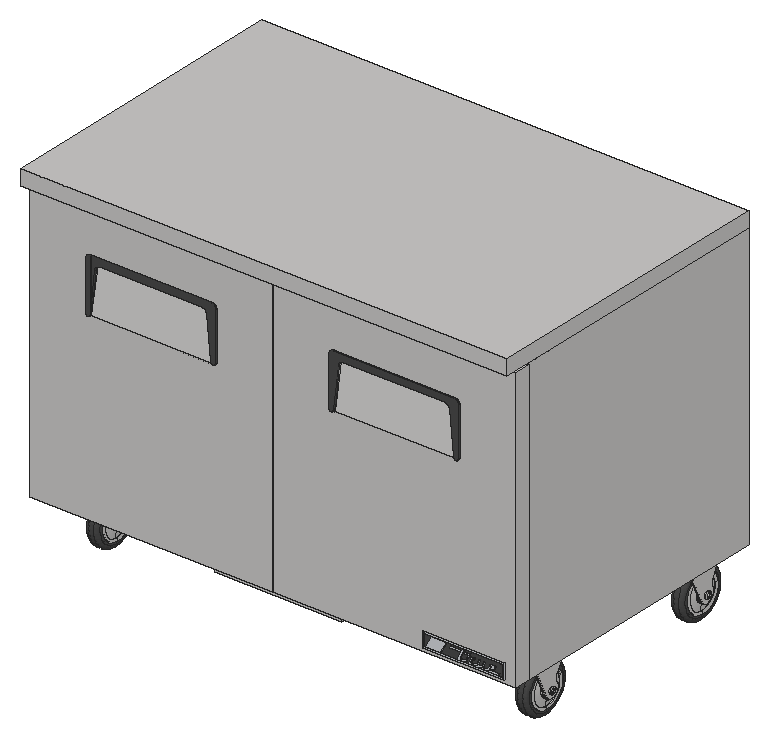
Revit family "QF_TRUE_TUC-48F-HC_cat", category Specialty Equipment, Revit 2016
Family settings
  Part Type = Normal
  Round Connector Dimension = Use Diameter
  Work Plane-Based = No
  Always vertical = Yes
  Cut with Voids When Loaded = No
  Shared = Yes
  Room Calculation Point = No
Parameters
  Weight in Pounds = 275
  Watts = FL Amps * Volts  # 621 W
  Volts = 115 V
  URL Manufacturer = "www.truemfg.com"
  URL = "www.truemfg.com"
  Type Mark [instance] = ""
  Status [instance] = ""
  Show Seismic Flanged [instance] = no
  Show Legs [instance] = no
  Seismic Flanged [instance] = and(not(Show Default Model), Show Seismic Flanged)  # no
  Length = 48 5/16"
  Legs [instance] = and(not(Show Default Model), or(Show Legs, Show Seismic Flanged))  # no
  Height = 35 15/16"
  Depth = 30 1/16"
  ADA Compliant Model [instance] = and(not(Show Default Model), Show ADA Compliant Model)  # no
  Specification by User [instance] = ""
  Specification by Manufacturer = ""
  Show Low Profile Model [instance] = no
  Show Logo [instance] = yes
  Show Clearance [instance] = yes
  Show ADA Compliant Model [instance] = no
  Show Default Model [instance] = and(not(Show Seismic Flanged), not(Show ADA Compliant Model), not(Show Low Profile Model), not(Show Legs))  # yes
  Serial Number = ""
  Seismic Rating = ""
  SMACNA No = ""
  Revision Code [instance] = ""
  Phase = 1
  Omniclass Number and Title = ""
  Number of Poles [instance] = 1
  NAFEM Spec ID Number = ""
  Model = "TUC-48F-HC"
  Min Ckt Ampacity = 0 A
  Max Overcurrent Protection = 0 A
  MasterSpec. = ""
  Manufacturer = "TRUE"
  Low Profile [instance] = and(not(Show Default Model), Show Low Profile Model)  # no
  Item Number [instance] = ""
  Installed By [instance] = ""
  Identify Quantity as Lot [instance] = yes
  HP = "1/2"
  Furnished By [instance] = ""
  Foodservice Equipment Identifier [instance] = yes
  FL Amps = 5.4 A
  Electrical Remarks [instance] = ""
  Electric Connection Type [instance] = ""
  Elec Conn RI Height [instance] = 0"
  Elec Conn Connection Height [instance] = 0"
  Description = "SOLID DOOR FREEZER WITH HYDROCARBON REFRIGERANT"
  Cycle = 60 Hz
  Conn Plug = "NEMA 5-15P"
  Conn Conduit = yes
  CSI MasterFormat = ""
  CSI Master Format = ""
  Base Height [instance] = if(Show Default Model, 6 3/16", if(Legs, 6", if(ADA Compliant Model, 4 1/4", if(Show Low Profile Model, 2 1/8", 6 1/4"))))  # 6 3/16"
  Apparent Power = if(Phase = 3, Volts * FL Amps * 1.73, Volts * FL Amps)  # 621 VA
Reference planes (in)
  plane 1 "BACK": y = -16.5
  plane 2: z = 0
  plane 3 "LEFT": x = 0
  plane 4 "RIGHT": x = 48.3125
  plane 5 "FRONT": y = -47.5625
  plane 6 "TOP": z = 35.9375
  plane 7: z = 6.1875
  plane 8: y = -69.375
  plane 9: y = -46.0625
  plane 10: y = -17.5
  plane 11: y = -21.74082
  plane 12: x = 24.15625
Dimensions and locks (in)
  "Length": plane 3 "LEFT" to plane 4 "RIGHT"
  plane 4 "RIGHT" to plane 3 "LEFT" = 48 5/16"
  plane 5 "FRONT" to plane 1 "BACK" = 31 1/16"  (x2)
  plane 1 "BACK" to plane 8 = 52 7/8"
  "Depth": plane 10 to plane 5 "FRONT"
  "Base Height": plane 7 to level
  locked: plane 6 "TOP" to plane 7 at 29.75
  plane 6 "TOP" to level = 35 15/16"
  equal spacing: plane 3 "LEFT", plane 12, plane 4 "RIGHT"
  aligned and locked: level to plane 2
  aligned and locked: plane 3 "LEFT" to nested 1  (x2)
  aligned and locked: plane 7 to nested 1
  aligned and locked: nested 1 to plane 7
Nested families (in)
  nested 1: "TUC-48F-HC" at (0, 0, 2.25), Show Logo <- "Show Logo", Show Clearance <- "Show Clearance", type "TUC-48F-HC"
    with Show Logo yes, Show Clearance yes
  nested 2: "CASTERS" at (2.84375, -21.74082, 0), Show 6" Casters <- "Show Default Model", type "CASTERS"
    with Type Mark "", Status "", Specification by User "", Show 6" Casters yes, Revision Code "", Item Number "", Installed By "", Identify Quantity as Lot yes, Furnished By "", Foodservice Equipment Identifier yes
  nested 3: "CASTERS" at (2.84375, -41.06531, 0), Show 6" Casters <- "Show Default Model", type "CASTERS"
    with Type Mark "", Status "", Specification by User "", Show 6" Casters yes, Revision Code "", Item Number "", Installed By "", Identify Quantity as Lot yes, Furnished By "", Foodservice Equipment Identifier yes
  nested 4: "CASTERS" at (45.53125, -21.74082, 0), Show 6" Casters <- "Show Default Model", type "CASTERS"
    with Type Mark "", Status "", Specification by User "", Show 6" Casters yes, Revision Code "", Item Number "", Installed By "", Identify Quantity as Lot yes, Furnished By "", Foodservice Equipment Identifier yes
  nested 5: "CASTERS" at (45.53125, -41.06531, 0), Show 6" Casters <- "Show Default Model", type "CASTERS"
    with Type Mark "", Status "", Specification by User "", Show 6" Casters yes, Revision Code "", Item Number "", Installed By "", Identify Quantity as Lot yes, Furnished By "", Foodservice Equipment Identifier yes
  nested 6: "LOW PROFILE CASTERS" at (2.84375, -21.74082, 0), Show Casters <- "Low Profile", type "LOW PROFILE CASTERS"
    with Type Mark "", Status "", Specification by User "", Show Casters no, Revision Code "", Item Number "", Installed By "", Identify Quantity as Lot yes, Furnished By "", Foodservice Equipment Identifier yes
  nested 7: "LOW PROFILE CASTERS" at (45.53125, -21.74082, 0), Show Casters <- "Low Profile", type "LOW PROFILE CASTERS"
    with Type Mark "", Status "", Specification by User "", Show Casters no, Revision Code "", Item Number "", Installed By "", Identify Quantity as Lot yes, Furnished By "", Foodservice Equipment Identifier yes
  nested 8: "LOW PROFILE CASTERS" at (45.53125, -41.06531, 0), Show Casters <- "Low Profile", type "LOW PROFILE CASTERS"
    with Type Mark "", Status "", Specification by User "", Show Casters no, Revision Code "", Item Number "", Installed By "", Identify Quantity as Lot yes, Furnished By "", Foodservice Equipment Identifier yes
  nested 9: "LOW PROFILE CASTERS" at (2.84375, -41.06531, 0), Show Casters <- "Low Profile", type "LOW PROFILE CASTERS"
    with Type Mark "", Status "", Specification by User "", Show Casters no, Revision Code "", Item Number "", Installed By "", Identify Quantity as Lot yes, Furnished By "", Foodservice Equipment Identifier yes
  nested 10: "CASTERS & LEGS" at (2.84375, -21.74082, 0), Seismic Plate <- "Seismic Flanged", Show 4.25" Casters <- "ADA Compliant Model", Legs <- "Legs", type "CASTERS & LEGS"
    with Type Mark "", Status "", Specification by User "", Show 4.25" Casters no, Seismic Plate no, Revision Code "", Legs no, Item Number "", Installed By "", Identify Quantity as Lot yes, Furnished By "", Foodservice Equipment Identifier yes
  nested 11: "CASTERS & LEGS" at (45.54154, -21.74082, 0), Seismic Plate <- "Seismic Flanged", Show 4.25" Casters <- "ADA Compliant Model", Legs <- "Legs", type "CASTERS & LEGS"
    with Type Mark "", Status "", Specification by User "", Show 4.25" Casters no, Seismic Plate no, Revision Code "", Legs no, Item Number "", Installed By "", Identify Quantity as Lot yes, Furnished By "", Foodservice Equipment Identifier yes
  nested 12: "CASTERS & LEGS" at (45.54154, -41.06531, 0), Seismic Plate <- "Seismic Flanged", Show 4.25" Casters <- "ADA Compliant Model", Legs <- "Legs", type "CASTERS & LEGS"
    with Type Mark "", Status "", Specification by User "", Show 4.25" Casters no, Seismic Plate no, Revision Code "", Legs no, Item Number "", Installed By "", Identify Quantity as Lot yes, Furnished By "", Foodservice Equipment Identifier yes
  nested 13: "CASTERS & LEGS" at (2.85404, -41.06531, 0), Seismic Plate <- "Seismic Flanged", Show 4.25" Casters <- "ADA Compliant Model", Legs <- "Legs", type "CASTERS & LEGS"
    with Type Mark "", Status "", Specification by User "", Show 4.25" Casters no, Seismic Plate no, Revision Code "", Legs no, Item Number "", Installed By "", Identify Quantity as Lot yes, Furnished By "", Foodservice Equipment Identifier yes
Connectors (in)
  electrical at (44.87821, -17.5, 12), driven by "Volts", driven by "Watts"
    settings: on nested 1, index 1, voltage 115 V, apparent load 621 VA, apparent load phase1 0 VA, apparent load phase2 0 VA, apparent load phase3 0 VA, power factor 1, load classification "Other", number of poles 1, system type 30, power factor state 1, is connector primary yes, connector utility no, sub classification motor no, connector description "ELECTRICAL CONNECTION"
Definition of nested family "TUC-48F-HC"
  Parameters (values of type "TUC-48-ADA-HC")
    URL = ""
    Show Logo [instance] = yes
    Show Clearance [instance] = yes
    Model = ""
    Manufacturer = ""
    Description = ""
    Assembly Code = ""
  Reference planes (in)
    plane 1 "BACK": y = -16.5
    plane 2: z = 0
    plane 3 "LEFT": x = 0
    plane 4 "RIGHT": x = 48.3125
    plane 5 "FRONT": y = -48.125
    plane 6 "TOP": z = 33.6875
    plane 7: z = 3.9375
    plane 8: x = 24.15625
    plane 9: z = 27.63
    plane 10: z = 22.15093
    plane 11: x = 12.07812
    plane 12: z = 27.63
    plane 13: z = 22.15093
    plane 14: y = -57.53306
    plane 15: y = -17.5
    plane 16: y = -47.5625
  Forms (in)
    Extrusion 1, solid
      sketch origin (0, 0, 0) x (0, 1, 0) y (0, 0, 1)
        loop
          line (-47.5625, 33.6875) -> (-47.5625, 32.17322) -> (-17.5, 32.17322) -> (-17.5, 33.6875) -> (-47.5625, 33.6875)
      from 0 to 48.3125
    Extrusion 2, solid
      sketch origin (0, 0, 0) x (0, 1, 0) y (0, 0, 1)
        loop
          line (-44.81701, 32.17322) -> (-44.81701, 3.9375) -> (-17.5, 3.9375) -> (-17.5, 32.17322) -> (-44.81701, 32.17322)
      from 0 to 48.3125
    Extrusion 3, solid
      sketch origin (4.5, -13.375, -2.32678) x (1, 0, 0) y (0, 0, 1)
        loop
          line (-4.5, 34.28323) -> (-4.5, 6.25) -> (19.625, 6.25) -> (19.625, 34.28323) -> (-4.5, 34.28323)
      from 31.44201 to 33
    Extrusion 4, solid
      sketch origin (-6, -16.5, -2.9375) x (1, 0, 0) y (0, 0, 1)
        loop
          line (22.0625, 6.875) -> (22.0625, 4.5625) -> (34.6875, 4.5625) -> (34.6875, 6.875) -> (22.0625, 6.875)
      from 1.69409 to 27
    Extrusion 5, solid
      sketch origin (-6.09375, -13.375, -2.32678) x (1, 0, 0) y (0, 0, 1)
        loop
          line (54.40625, 6.25) -> (54.40625, 34.28323) -> (30.28125, 34.28323) -> (30.28125, 6.25) -> (54.40625, 6.25)
      from 31.44201 to 33
    Extrusion 6, void
      sketch origin (-6, -45.81701, 4.49997) x (0, 0, -1) y (-1, 0, 0)
        loop
          line (-1.42325, -8) -> (-25.45648, -8) -> (-25.45648, -52.3125) -> (-1.42325, -52.3125) -> (-1.42325, -8)
      from 1 to 24
    Extrusion 7, solid, visible <- "Show Clearance", detail levels coarse
      sketch origin (11.8682, -36.72639, -0.07678) x (-1, 0, 0) y (0, -1, 0)
        loop
          line (11.8682, 9.64861) -> (11.8682, 32.39861)
          arc (11.8682, 32.39861) -> (-4.9218, 26.03684) -> (-12.2568, 9.64861) r 23.39214
          line (-12.2568, 9.64861) -> (11.8682, 9.64861)
      from 4 to 32.03323
    Revolve 8, solid
      sketch origin (-12.93057, -16.5155, 20.92322) x (1, 0, 0) y (0, 1, 0)
        loop
          line (18.64104, -0.9845) -> (19.10979, -0.9845) -> (19.10979, 0.0155) -> (18.64104, 0.0155) -> (18.64104, -0.9845)
        axis (18.64104, -0.9845) -> (18.64104, 0.0155)
      angle from 0 to 360
    Revolve 9, solid
      sketch origin (61.30557, -16.5155, 20.92322) x (-1, 0, 0) y (0, -1, 0)
        loop
          line (18.70354, 0.9845) -> (18.70354, -0.0155) -> (19.17229, -0.0155) -> (19.17229, 0.9845) -> (18.70354, 0.9845)
        axis (18.70354, 0.9845) -> (18.70354, -0.0155)
      angle from 0 to 360
    Extrusion 10, solid
      sketch origin (-13.77458, -17.5, -2.32678) x (1, 0, 0) y (0, 0, 1)
        loop
          circle (57.98125, 12) r 0.25
      from 0 to 0.0625
    Extrusion 11, solid, visible <- "Show Clearance", detail levels coarse
      sketch origin (36.5068, -36.72639, -0.07678) x (1, 0, 0) y (0, 1, 0)
        loop
          line (11.8057, -9.64861) -> (-12.3193, -9.64861)
          arc (-12.3193, -9.64861) -> (-4.9843, -26.03684) -> (11.8057, -32.39861) r 23.39214
          line (11.8057, -32.39861) -> (11.8057, -9.64861)
      from 4 to 32.03323
    Extrusion 12, void
      sketch origin (12.07812, -13.78209, 48) x (0, -1, 0) y (0, 0, 1)
        loop
          line (32.59291, -20.37) -> (31.52391, -20.37) -> (32.59291, -25.84907) -> (32.59291, -20.37)
      from -6 to 6
    Extrusion 13, solid
      sketch origin (0.07813, -46.375, 0) x (1, 0, 0) y (0, 0, 1)
        loop
          line (5.52833, 27.13) -> (5.52833, 22.36054)
          arc (5.52833, 22.36054) -> (5.74774, 22.11831) -> (6.01044, 22.31274) r 0.24342
          line (6.01044, 22.31274) -> (6.44945, 26.42717)
          arc (6.44945, 26.42717) -> (6.61215, 26.74648) -> (6.94671, 26.87491) r 0.5
          line (6.94671, 26.87491) -> (17.05329, 26.87491)
          arc (17.05329, 26.87491) -> (17.38785, 26.74648) -> (17.55055, 26.42717) r 0.5
          line (17.55055, 26.42717) -> (17.98956, 22.31274)
          arc (17.98956, 22.31274) -> (18.25226, 22.11831) -> (18.47166, 22.36054) r 0.24342
          line (18.47166, 22.36054) -> (18.47166, 27.13)
          arc (18.47166, 27.13) -> (18.32522, 27.48356) -> (17.97166, 27.63) r 0.5
          line (17.97166, 27.63) -> (6.02833, 27.63)
          arc (6.02833, 27.63) -> (5.67478, 27.48356) -> (5.52833, 27.13) r 0.5
      from 0 to 0.0625
    Extrusion 14, void
      sketch origin (36.29688, -13.78209, 48) x (0, -1, 0) y (0, 0, -1)
        loop
          line (32.59291, 20.37) -> (32.59291, 25.84907) -> (31.52391, 20.37) -> (32.59291, 20.37)
      from -6 to 6
    Extrusion 15, solid
      sketch origin (48.29687, -46.375, 0) x (-1, 0, 0) y (0, 0, -1)
        loop
          arc (5.59083, -27.13) -> (5.73728, -27.48356) -> (6.09083, -27.63) r 0.5
          line (6.09083, -27.63) -> (18.00291, -27.63)
          arc (18.00291, -27.63) -> (18.35647, -27.48356) -> (18.50291, -27.13) r 0.5
          line (18.50291, -27.13) -> (18.50291, -22.36054)
          arc (18.50291, -22.36054) -> (18.28351, -22.11831) -> (18.02081, -22.31274) r 0.24342
          line (18.02081, -22.31274) -> (17.5818, -26.42717)
          arc (17.5818, -26.42717) -> (17.4191, -26.74648) -> (17.08454, -26.87491) r 0.5
          line (17.08454, -26.87491) -> (7.00921, -26.87491)
          arc (7.00921, -26.87491) -> (6.67465, -26.74648) -> (6.51195, -26.42717) r 0.5
          line (6.51195, -26.42717) -> (6.07294, -22.31274)
          arc (6.07294, -22.31274) -> (5.81024, -22.11831) -> (5.59083, -22.36054) r 0.24342
          line (5.59083, -22.36054) -> (5.59083, -27.13)
      from 0 to 0.0625
  Cuts and joins
    Extrusion 6 cuts Extrusion 2
    Extrusion 6, Extrusion 12, Extrusion 14 cuts Extrusion 3
    Extrusion 6, Extrusion 14 cuts Extrusion 5
    Extrusion 14 cuts Extrusion 7
  Lines and regions (in)
    symbolic lines
      curve 1: line (0, -17.5, 0) -> (48.3125, -17.5, 0)
      curve 2: line (48.3125, -47.5625, 0) -> (0, -47.5625, 0)
      curve 3: line (48.3125, -17.5, 0) -> (48.3125, -47.5625, 0)
      curve 4: line (6.17922, -16.5, 0) -> (5.24172, -16.5, 0)
      curve 5: line (6.17922, -16.5, 0) -> (6.17922, -17.5, 0)
      curve 6: line (5.24172, -16.5, 0) -> (5.24172, -17.5, 0)
      curve 7: line (42.07078, -16.5, 0) -> (43.00828, -16.5, 0)
      curve 8: line (42.07078, -16.5, 0) -> (42.07078, -17.5, 0)
      curve 9: line (43.00828, -16.5, 0) -> (43.00828, -17.5, 0)
      curve 10: line (0, -17.5, 0) -> (0, -47.5625, 0)
      curve 11: arc (24.24654, -47.5625, 0) -> (25.37507, -53.11477, 0) -> (27.8051, -58.23299, 0) r 23.39786
      curve 12: line (27.8051, -58.23299, 0) -> (46.25551, -47.5625, 0)
      curve 13: arc (24.06596, -47.5625, 0) -> (22.93743, -53.11477, 0) -> (20.5074, -58.23299, 0) r 23.39786
      curve 14: line (20.5074, -58.23299, 0) -> (2.05699, -47.5625, 0)
  Dimensions and locks (in)
    plane 3 "LEFT" to plane 4 "RIGHT" = 48 5/16"
    plane 4 "RIGHT" to plane 3 "LEFT" = 48 5/16"
    plane 6 "TOP" to level = 33 11/16"
    plane 5 "FRONT" to plane 1 "BACK" = 31 5/8"
    plane 7 to level = 3 15/16"
    plane 6 "TOP" to plane 7 = 29 3/4"
    equal spacing: plane 3 "LEFT", plane 8, plane 4 "RIGHT"
    cut or joined group of Extrusion 2, Extrusion 6 to plane 1 "BACK" = 1"
    level to Extrusion 4 = 1 5/8"
    Extrusion 4 to plane 7 = 2 5/16"
    plane 1 "BACK" to plane 14 = 41.03306"
    plane 16 to plane 15 to plane 1 "BACK" = 30 1/16", 1"
    Extrusion 4 to Extrusion 4 to plane 4 "RIGHT" = 12 5/8", 19 5/8"
    aligned and locked: level to plane 2
  Automatic sketch dimensions
    curve 10 to plane 3 "LEFT" = 0"
    plane 1 "BACK" to curve 4 = 0"
    plane 1 "BACK" to curve 7 = 0"
    curve 3 to plane 4 "RIGHT" = 0"
    plane 3 "LEFT" to curve 13 = 0.74136"
    plane 3 "LEFT" to curve 4 = 5.24172"
    curve 4 to curve 5 = 15/16"
    plane 8 to curve 14 = 3.64885"
    curve 12 to plane 8 = 3.64885"
    curve 7 to plane 4 "RIGHT" = 6.24172"
    curve 7 to curve 9 = 15/16"
    curve 11 to plane 4 "RIGHT" = 0.74136"
    plane 5 "FRONT" to curve 12 = 10.10799"
    curve 14 to curve 11 = 0"
    plane 1 "BACK" to curve 3 = 1"
    plane 3 "LEFT" to curve 14 = 2.05699"
    curve 12 to plane 4 "RIGHT" = 2.05699"
    Extrusion 1 sketch curve to plane 6 "TOP" = 0"
    plane 1 "BACK" to Extrusion 1 sketch curve = 1"
    Extrusion 1 sketch curve to plane 6 "TOP" = 1.51428"
    Extrusion 2 sketch curve to plane 7 = 0"
    plane 1 "BACK" to Extrusion 2 sketch curve = 1"
    Extrusion 2 sketch curve to plane 6 "TOP" = 1.51428"
    Extrusion 3 sketch curve to plane 3 "LEFT" = 0"
    Extrusion 3 sketch curve to plane 7 = 0.01428"
    plane 8 to Extrusion 3 sketch curve = 1/32"
    Extrusion 3 sketch curve to plane 6 "TOP" = 1.73105"
    Extrusion 5 sketch curve to plane 4 "RIGHT" = 0"
    Extrusion 5 sketch curve to plane 8 = 1/32"
    Extrusion 5 sketch curve to plane 7 = 0.01428"
    Extrusion 5 sketch curve to plane 6 "TOP" = 1.73105"
    Extrusion 6 sketch curve to plane 6 "TOP" = 3.73105"
    plane 7 to Extrusion 6 sketch curve = 1.98572"
    Extrusion 6 sketch curve to plane 4 "RIGHT" = 2"
    plane 3 "LEFT" to Extrusion 6 sketch curve = 2"
    Extrusion 7 sketch curve to plane 3 "LEFT" = 0"
    plane 3 "LEFT" to Extrusion 7 sketch curve = 0.74136"
    plane 8 to Extrusion 7 sketch curve = 1/32"
    plane 1 "BACK" to Revolve 8 sketch curve = 0"
    plane 1 "BACK" to Revolve 8 sketch curve = 1"
    plane 3 "LEFT" to Revolve 8 sketch curve = 5.71047"
    Revolve 8 sketch curve to Revolve 8 sketch curve = 15/32"
    Revolve 8 sketch curve to Revolve 8 sketch curve = 0"
    Revolve 8 sketch curve to Revolve 8 sketch curve = 0.0155"
    Revolve 8 sketch curve to plane 1 "BACK" = 0.2345"
    plane 1 "BACK" to Revolve 9 sketch curve = 0"
    plane 1 "BACK" to Revolve 9 sketch curve = 1"
    Revolve 9 sketch curve to plane 4 "RIGHT" = 5.71047"
    Revolve 9 sketch curve to Revolve 9 sketch curve = 15/32"
    Revolve 9 sketch curve to Revolve 9 sketch curve = 0"
    Revolve 9 sketch curve to plane 1 "BACK" = 0.2345"
    Revolve 9 sketch curve to Revolve 9 sketch curve = 0.0155"
    Extrusion 10 sketch curve to plane 4 "RIGHT" = 4.10583"
    plane 7 to Extrusion 10 sketch curve = 5.73572"
    Extrusion 11 sketch curve to plane 4 "RIGHT" = 0"
    Extrusion 11 sketch curve to plane 4 "RIGHT" = 0.74136"
    Extrusion 11 sketch curve to plane 8 = 1/32"
    Extrusion 12 sketch curve to plane 9 = 0"
    Extrusion 12 sketch curve to plane 10 = 0"
    plane 3 "LEFT" to Extrusion 13 sketch curve = 5.60646"
    Extrusion 13 sketch curve to Extrusion 13 sketch curve = 0.24342"  (x2)
    Extrusion 13 sketch curve to Extrusion 13 sketch curve = 0.23868"  (x2)
    Extrusion 13 sketch curve to Extrusion 13 sketch curve = 1/2"
    Extrusion 13 sketch curve to Extrusion 13 sketch curve = 0.42112"
    Extrusion 13 sketch curve to Extrusion 13 sketch curve = 0.49726"  (x2)
    plane 11 to Extrusion 13 sketch curve = 5.05329"
    Extrusion 13 sketch curve to Extrusion 13 sketch curve = 0.91838"
    Extrusion 13 sketch curve to Extrusion 13 sketch curve = 0.43901"
    Extrusion 13 sketch curve to plane 6 "TOP" = 11.37476"  (x2)
    Extrusion 13 sketch curve to Extrusion 13 sketch curve = 4.06217"  (x2)
    Extrusion 13 sketch curve to Extrusion 13 sketch curve = 0.05226"
    Extrusion 13 sketch curve to Extrusion 13 sketch curve = 0.70283"
    Extrusion 14 sketch curve to plane 12 = 0"
    Extrusion 14 sketch curve to plane 13 = 0"
    Extrusion 15 sketch curve to plane 4 "RIGHT" = 5.60646"
    Extrusion 15 sketch curve to Extrusion 15 sketch curve = 0.24342"  (x2)
    Extrusion 15 sketch curve to Extrusion 15 sketch curve = 0.23868"  (x2)
    Extrusion 15 sketch curve to Extrusion 15 sketch curve = 1/2"
    Extrusion 15 sketch curve to Extrusion 15 sketch curve = 0.42112"
    Extrusion 15 sketch curve to Extrusion 15 sketch curve = 0.49726"  (x2)
    Extrusion 15 sketch curve to plane 8 = 7.05609"
    Extrusion 15 sketch curve to Extrusion 15 sketch curve = 0.91838"
    Extrusion 15 sketch curve to Extrusion 15 sketch curve = 0.43901"
    Extrusion 15 sketch curve to plane 6 "TOP" = 6.0575"
    Extrusion 15 sketch curve to Extrusion 15 sketch curve = 0.25509"
    Extrusion 15 sketch curve to Extrusion 15 sketch curve = 0.44774"  (x2)
    Extrusion 15 sketch curve to Extrusion 15 sketch curve = 4.06664"  (x2)
    curve 2 to plane 5 "FRONT" = 9/16"
    curve 2 to curve 13 = 1.85003"
    curve 2 to curve 11 = 1.85003"
    Extrusion 1 sketch curve to plane 5 "FRONT" = 9/16"
    Extrusion 2 sketch curve to plane 5 "FRONT" = 3.30799"
    Extrusion 7 sketch curve to plane 5 "FRONT" = 1 3/4"
    Extrusion 11 sketch curve to plane 5 "FRONT" = 1 3/4"
    Extrusion 12 sketch curve to plane 5 "FRONT" = 2.819"
    Extrusion 12 sketch curve to plane 5 "FRONT" = 1 3/4"
    Extrusion 14 sketch curve to plane 5 "FRONT" = 2.819"
    Extrusion 14 sketch curve to plane 5 "FRONT" = 1 3/4"
    Extrusion 7 sketch curve to Extrusion 7 sketch curve = 0.63039"
    plane 5 "FRONT" to Extrusion 11 sketch curve = 21"
    Extrusion 4 sketch curve to plane 8 = 4 17/32"
    plane 11 to Extrusion 4 sketch curve = 3 63/64"
    level to Extrusion 4 sketch curve = 1 5/8"
    Extrusion 4 sketch curve to plane 7 = 0"
    radius of Extrusion 10 sketch curve = 1/4"
  Nested families (in)
    nested 1: "QF_LOGO_TRUE" at (39.07846, -46.375, 4.21961), Show Logo <- "Show Logo", type "QF_LOGO_TRUE", detail levels medium+fine
      with Show Logo yes
  Definition of nested family "QF_LOGO_TRUE"
    Parameters (values of type "QF_LOGO_TRUE")
      Show Logo [instance] = yes
    Reference planes (in)
      plane 1 "Center (Front/Back)": y = 0
      plane 2: z = 0
      plane 3 "Center (Left/Right)": x = 0
    Forms (in)
      Extrusion 1, solid, visible <- "Show Logo"
        sketch origin (-78.34647, 34.76905, -30.51001) x (1, 0, 0) y (0, 0, 1)
          loop
            line (81.15226, 31.65456) -> (81.07353, 31.48573) -> (82.12083, 31.48573)
            arc (82.12083, 31.48573) -> (82.14208, 31.44814) -> (82.12083, 31.41055) r 0.04386
            line (82.12083, 31.41055) -> (81.84767, 30.82478)
            arc (81.84767, 30.82478) -> (81.84531, 30.77052) -> (81.882, 30.73048) r 0.07096
            line (81.882, 30.73048) -> (82.55165, 30.73048)
            arc (82.55165, 30.73048) -> (82.63621, 30.75714) -> (82.69019, 30.82748) r 0.14742
            line (82.69019, 30.82748) -> (82.90515, 31.28847) -> (83.10265, 31.28847)
            arc (83.10265, 31.28847) -> (83.15447, 31.26942) -> (83.14697, 31.21472) r 0.04405
            line (83.14697, 31.21472) -> (82.9671, 30.82899)
            arc (82.9671, 30.82899) -> (82.9699, 30.76493) -> (83.02398, 30.73048) r 0.06943
            line (83.02398, 30.73048) -> (83.6124, 30.73048)
            arc (83.6124, 30.73048) -> (83.65748, 30.74689) -> (83.68147, 30.78844) r 0.07014
            arc (83.68147, 30.78844) -> (83.69845, 30.74745) -> (83.73943, 30.73048) r 0.05796
            line (83.73943, 30.73048) -> (84.112, 30.73048)
            arc (84.112, 30.73048) -> (84.15504, 30.74201) -> (84.18655, 30.77352) r 0.08608
            arc (84.18655, 30.77352) -> (84.20164, 30.7371) -> (84.23806, 30.72202) r 0.0515
            line (84.23806, 30.72202) -> (84.76757, 30.72202)
            arc (84.76757, 30.72202) -> (84.81086, 30.73995) -> (84.8288, 30.78324) r 0.06122
            arc (84.8288, 30.78324) -> (84.86848, 30.74355) -> (84.92269, 30.72903) r 0.10842
            line (84.92269, 30.72903) -> (85.91461, 30.72903) -> (86.02479, 30.91987) -> (85.0243, 30.91987)
            arc (85.0243, 30.91987) -> (84.99669, 30.93902) -> (84.99566, 30.97261) r 0.03732
            line (84.99566, 30.97261) -> (85.01297, 31.00972)
            arc (85.01297, 31.00972) -> (85.03954, 31.04453) -> (85.0813, 31.05774) r 0.07263
            line (85.0813, 31.05774) -> (85.40289, 31.05774)
            arc (85.40289, 31.05774) -> (85.4723, 31.07633) -> (85.52311, 31.12715) r 0.13882
            line (85.52311, 31.12715) -> (85.61625, 31.28847)
            arc (85.61625, 31.28847) -> (85.61625, 31.37458) -> (85.54168, 31.41763) r 0.08611
            line (85.54168, 31.41763) -> (85.20227, 31.41763)
            arc (85.20227, 31.41763) -> (85.11574, 31.40294) -> (85.05538, 31.33923) r 0.13863
            line (85.05538, 31.33923) -> (84.89409, 30.99333)
            arc (84.89409, 30.99333) -> (84.84649, 30.9313) -> (84.77191, 30.90778) r 0.13002
            line (84.77191, 30.90778) -> (84.41984, 30.90778)
            arc (84.41984, 30.90778) -> (84.3777, 30.95378) -> (84.38042, 31.0161) r 0.08151
            line (84.38042, 31.0161) -> (84.56766, 31.41763) -> (84.44849, 31.41763) -> (84.25012, 30.99222)
            arc (84.25012, 30.99222) -> (84.21158, 30.94199) -> (84.15119, 30.92296) r 0.10527
            line (84.15119, 30.92296) -> (83.90842, 30.92296)
            arc (83.90842, 30.92296) -> (83.8674, 30.97642) -> (83.87619, 31.04323) r 0.08805
            line (83.87619, 31.04323) -> (84.05078, 31.41763) -> (83.92772, 31.41763) -> (83.72676, 30.98668)
            arc (83.72676, 30.98668) -> (83.68011, 30.94003) -> (83.61639, 30.92296) r 0.12745
            line (83.61639, 30.92296) -> (83.26484, 30.92296)
            arc (83.26484, 30.92296) -> (83.2017, 30.9524) -> (83.19563, 31.0218) r 0.06967
            line (83.19563, 31.0218) -> (83.31118, 31.26961) -> (83.47452, 31.26961)
            arc (83.47452, 31.26961) -> (83.50209, 31.35268) -> (83.56075, 31.41763) r 0.21289
            line (83.56075, 31.41763) -> (82.92244, 31.41763)
            arc (82.92244, 31.41763) -> (82.85151, 31.40191) -> (82.80242, 31.34834) r 0.12081
            line (82.80242, 31.34834) -> (82.6294, 30.9773)
            arc (82.6294, 30.9773) -> (82.58962, 30.93752) -> (82.53528, 30.92296) r 0.10869
            line (82.53528, 30.92296) -> (82.1542, 30.92296)
            arc (82.1542, 30.92296) -> (82.12446, 30.96315) -> (82.13012, 31.01283) r 0.06822
            line (82.13012, 31.01283) -> (82.38156, 31.48573) -> (83.01596, 31.48573) -> (83.09469, 31.65456) -> (82.46029, 31.65456) -> (82.53902, 31.8234) -> (82.31334, 31.8234) -> (82.23461, 31.65456) -> (81.15226, 31.65456)
          loop
            arc (85.15937, 31.26434) -> (85.13191, 31.25698) -> (85.1118, 31.23688) r 0.05494
            line (85.1118, 31.23688) -> (85.09547, 31.18665)
            arc (85.09547, 31.18665) -> (85.10304, 31.16837) -> (85.12133, 31.16079) r 0.02586
            line (85.12133, 31.16079) -> (85.39889, 31.16079)
            arc (85.39889, 31.16079) -> (85.41888, 31.16523) -> (85.43513, 31.1777) r 0.04731
            line (85.43513, 31.1777) -> (85.44863, 31.2402)
            arc (85.44863, 31.2402) -> (85.44466, 31.25693) -> (85.42914, 31.26434) r 0.01994
            line (85.42914, 31.26434) -> (85.15937, 31.26434)
          loop
            line (78.62961, 30.74125) -> (80.12032, 30.74125) -> (80.73891, 31.81268) -> (79.2482, 31.81268) -> (78.62961, 30.74125)
        from 34.76797 to 34.83173
      Extrusion 2, solid, visible <- "Show Logo"
        sketch origin (-142.84857, 34.75108, -33.3546) x (1, 0, 0) y (0, 0, 1)
          loop
            line (150.81107, 34.71978) -> (142.98607, 34.71978) -> (142.98607, 33.4921) -> (150.81107, 33.4921) -> (150.81107, 34.71978)
        from 34.75108 to 34.78125
      Extrusion 3, solid, visible <- "Show Logo"
        sketch origin (-142.84857, 34.75108, -33.3546) x (1, 0, 0) y (0, 0, 1)
          loop
            line (150.94857, 34.85727) -> (142.84857, 34.85727) -> (142.84857, 33.3546) -> (150.94857, 33.3546) -> (150.94857, 34.85727)
          loop
            line (142.98607, 34.71978) -> (142.98607, 33.4921) -> (150.81107, 33.4921) -> (150.81107, 34.71978) -> (142.98607, 34.71978)
        from 34.75108 to 34.81376
      Extrusion 4, solid, not visible
        sketch origin (121.45701, -16.5, 4.98235) x (1, 0, 0) y (0, 0, 1)
          loop
            line (25.20115, 35.89949) -> (25.20115, 33.96647) -> (30.95381, 33.96647) -> (30.95381, 35.89949) -> (25.20115, 35.89949)
        from 31.5 to 31.54261
      Extrusion 5, solid, not visible
        sketch origin (121.45701, -16.5, 4.98235) x (1, 0, 0) y (0, 0, 1)
          loop
            line (26.7387, 34.95472) -> (26.61492, 34.49276) -> (27.038, 34.49276)
            arc (27.038, 34.49276) -> (27.13117, 34.52484) -> (27.18485, 34.60749) r 0.15134
            arc (27.18485, 34.60749) -> (27.20396, 34.68138) -> (27.22435, 34.75493) r 4.37326
            arc (27.22435, 34.75493) -> (27.23458, 34.81765) -> (27.22435, 34.88037) r 0.1974
            arc (27.22435, 34.88037) -> (27.18247, 34.93579) -> (27.11563, 34.95472) r 0.10914
            line (27.11563, 34.95472) -> (26.7387, 34.95472)
          loop
            line (26.90201, 34.80638) -> (26.84645, 34.59903) -> (26.92855, 34.59903)
            arc (26.92855, 34.59903) -> (26.98205, 34.6185) -> (27.01051, 34.6678) r 0.08322
            line (27.01051, 34.6678) -> (27.02399, 34.74424)
            arc (27.02399, 34.74424) -> (27.01491, 34.78454) -> (26.97985, 34.80638) r 0.05353
            line (26.97985, 34.80638) -> (26.90201, 34.80638)
          loop
            line (27.45336, 34.66131) -> (27.76233, 34.66131) -> (27.78859, 34.73909)
            arc (27.78859, 34.73909) -> (27.7878, 34.82039) -> (27.73107, 34.87864) r 0.10925
            arc (27.73107, 34.87864) -> (27.68233, 34.8944) -> (27.63139, 34.89974) r 0.24595
            line (27.63139, 34.89974) -> (27.46708, 34.89974)
            arc (27.46708, 34.89974) -> (27.4068, 34.88073) -> (27.3535, 34.84677) r 0.2421
            arc (27.3535, 34.84677) -> (27.2897, 34.76363) -> (27.26702, 34.66131) r 0.2421
            line (27.26702, 34.66131) -> (27.26702, 34.54477)
            arc (27.26702, 34.54477) -> (27.31618, 34.4956) -> (27.38334, 34.47761) r 0.13431
            line (27.38334, 34.47761) -> (27.59054, 34.47761)
            arc (27.59054, 34.47761) -> (27.63459, 34.48281) -> (27.67622, 34.49812) r 0.18924
            line (27.67622, 34.49812) -> (27.73102, 34.61563)
            arc (27.73102, 34.61563) -> (27.68453, 34.59565) -> (27.63566, 34.58252) r 0.35376
            arc (27.63566, 34.58252) -> (27.55885, 34.56956) -> (27.48204, 34.58252) r 0.23415
            arc (27.48204, 34.58252) -> (27.44492, 34.61362) -> (27.45336, 34.66131) r 0.04838
          loop
            line (27.4842, 34.73042) -> (27.62012, 34.73042) -> (27.62621, 34.76496)
            arc (27.62621, 34.76496) -> (27.58961, 34.80242) -> (27.53739, 34.80638) r 0.0742
            arc (27.53739, 34.80638) -> (27.49747, 34.77773) -> (27.4842, 34.73042) r 0.0742
          loop
            line (27.91616, 34.97572) -> (27.78675, 34.49276) -> (27.98645, 34.49276) -> (28.11586, 34.97572) -> (27.91616, 34.97572)
          loop
            line (28.13678, 34.66131) -> (28.08755, 34.47761) -> (28.27134, 34.47761) -> (28.32056, 34.66131) -> (28.43674, 34.66131) -> (28.47974, 34.78864) -> (28.36519, 34.78864)
            arc (28.36519, 34.78864) -> (28.35733, 34.81649) -> (28.36921, 34.84288) r 0.04231
            arc (28.36921, 34.84288) -> (28.431, 34.8652) -> (28.49617, 34.85686) r 0.13988
            line (28.49617, 34.85686) -> (28.53544, 34.97317)
            arc (28.53544, 34.97317) -> (28.39725, 34.99096) -> (28.25905, 34.97317) r 0.54546
            arc (28.25905, 34.97317) -> (28.20849, 34.91994) -> (28.18197, 34.85147) r 0.1894
            line (28.18197, 34.85147) -> (28.17089, 34.78864) -> (28.11397, 34.78864) -> (28.07985, 34.66131) -> (28.13678, 34.66131)
          loop
            arc (28.74846, 34.89756) -> (28.65884, 34.88533) -> (28.56922, 34.89756) r 0.33455
            line (28.56922, 34.89756) -> (28.45669, 34.47761) -> (28.63593, 34.47761) -> (28.74846, 34.89756)
          loop
            arc (28.60398, 35.01195) -> (28.57699, 34.97173) -> (28.60398, 34.9315) r 0.04347
            line (28.60398, 34.9315) -> (28.75755, 34.9315)
            arc (28.75755, 34.9315) -> (28.78645, 34.96687) -> (28.77911, 35.01195) r 0.0556
            line (28.77911, 35.01195) -> (28.60398, 35.01195)
          loop
            line (28.95336, 34.66131) -> (29.26233, 34.66131) -> (29.28859, 34.73909)
            arc (29.28859, 34.73909) -> (29.2878, 34.82039) -> (29.23107, 34.87864) r 0.10925
            arc (29.23107, 34.87864) -> (29.18233, 34.8944) -> (29.13139, 34.89974) r 0.24595
            line (29.13139, 34.89974) -> (28.96708, 34.89974)
            arc (28.96708, 34.89974) -> (28.9068, 34.88073) -> (28.8535, 34.84677) r 0.2421
            arc (28.8535, 34.84677) -> (28.7897, 34.76363) -> (28.76702, 34.66131) r 0.2421
            line (28.76702, 34.66131) -> (28.76702, 34.54477)
            arc (28.76702, 34.54477) -> (28.81618, 34.4956) -> (28.88334, 34.47761) r 0.13431
            line (28.88334, 34.47761) -> (29.09054, 34.47761)
            arc (29.09054, 34.47761) -> (29.13459, 34.48281) -> (29.17622, 34.49812) r 0.18924
            line (29.17622, 34.49812) -> (29.23102, 34.61563)
            arc (29.23102, 34.61563) -> (29.18453, 34.59565) -> (29.13566, 34.58252) r 0.35376
            arc (29.13566, 34.58252) -> (29.05885, 34.56956) -> (28.98204, 34.58252) r 0.23415
            arc (28.98204, 34.58252) -> (28.94492, 34.61362) -> (28.95336, 34.66131) r 0.04838
          loop
            line (28.9842, 34.73042) -> (29.12012, 34.73042) -> (29.12621, 34.76496)
            arc (29.12621, 34.76496) -> (29.08961, 34.80242) -> (29.03739, 34.80638) r 0.0742
            arc (29.03739, 34.80638) -> (28.99747, 34.77773) -> (28.9842, 34.73042) r 0.0742
          loop
            line (29.41616, 34.97572) -> (29.28675, 34.49276) -> (29.48645, 34.49276) -> (29.61586, 34.97572) -> (29.41616, 34.97572)
          loop
            line (29.99836, 34.97572) -> (29.95192, 34.80242)
            arc (29.95192, 34.80242) -> (29.94473, 34.85705) -> (29.90102, 34.89059) r 0.07199
            arc (29.90102, 34.89059) -> (29.80023, 34.89941) -> (29.70251, 34.87322) r 0.29131
            arc (29.70251, 34.87322) -> (29.61806, 34.7652) -> (29.5896, 34.63108) r 0.30433
            line (29.5896, 34.63108) -> (29.5896, 34.55572)
            arc (29.5896, 34.55572) -> (29.61075, 34.50463) -> (29.66184, 34.48348) r 0.07224
            line (29.66184, 34.48348) -> (29.78537, 34.48348)
            arc (29.78537, 34.48348) -> (29.83854, 34.51313) -> (29.88504, 34.55243) r 0.31609
            line (29.88504, 34.55243) -> (29.86905, 34.49276) -> (30.05973, 34.49276) -> (30.18914, 34.97572) -> (29.99836, 34.97572)
          loop
            arc (29.84537, 34.75931) -> (29.79424, 34.71128) -> (29.77745, 34.64317) r 0.12371
            arc (29.77745, 34.64317) -> (29.80071, 34.59901) -> (29.85056, 34.59647) r 0.05045
            arc (29.85056, 34.59647) -> (29.90141, 34.64047) -> (29.92536, 34.7033) r 0.13769
            arc (29.92536, 34.7033) -> (29.90211, 34.75521) -> (29.84537, 34.75931) r 0.05543
          loop
            line (26.45047, 35.26762) -> (26.58211, 35.26762)
            arc (26.58211, 35.26762) -> (26.60467, 35.30821) -> (26.62126, 35.35157) r 0.3277
            arc (26.62126, 35.35157) -> (26.62714, 35.39992) -> (26.60877, 35.44503) r 0.09693
            arc (26.60877, 35.44503) -> (26.56454, 35.48868) -> (26.50462, 35.50516) r 0.12312
            arc (26.50462, 35.50516) -> (26.44158, 35.50565) -> (26.37854, 35.50546) r 5.76967
            arc (26.37854, 35.50546) -> (26.07462, 35.42923) -> (25.81045, 35.26076) r 0.97743
            line (25.81045, 35.26076) -> (25.85921, 35.26076)
            arc (25.85921, 35.26076) -> (26.08494, 35.39361) -> (26.3396, 35.45485) r 0.88817
            arc (26.3396, 35.45485) -> (26.41429, 35.44188) -> (26.47267, 35.39352) r 0.14748
            arc (26.47267, 35.39352) -> (26.48041, 35.32725) -> (26.45047, 35.26762) r 0.11636
          loop
            arc (26.35412, 35.17841) -> (26.19578, 35.0555) -> (26.00982, 34.98069) r 0.72453
            arc (26.00982, 34.98069) -> (25.9036, 34.95581) -> (25.79459, 34.9604) r 0.40201
            arc (25.79459, 34.9604) -> (25.7275, 34.98819) -> (25.69972, 35.05528) r 0.09488
            arc (25.69972, 35.05528) -> (25.71867, 35.12629) -> (25.77049, 35.17841) r 0.1425
            line (25.77049, 35.17841) -> (25.73665, 35.18748)
            arc (25.73665, 35.18748) -> (25.67632, 35.09876) -> (25.66924, 34.99171) r 0.20432
            arc (25.66924, 34.99171) -> (25.71443, 34.9227) -> (25.79473, 34.90384) r 0.11116
            arc (25.79473, 34.90384) -> (25.91172, 34.89904) -> (26.02716, 34.91862) r 0.56145
            arc (26.02716, 34.91862) -> (26.27675, 35.021) -> (26.49584, 35.17841) r 1.15683
            line (26.49584, 35.17841) -> (26.35412, 35.17841)
        from 31.54261 to 31.56272
    Dimensions and locks (in)
      aligned and locked: level to plane 2
      aligned and locked: Extrusion 2 to Extrusion 3  (x2)
      aligned and locked: Extrusion 2 sketch curve to Extrusion 3
Definition of nested family "CASTERS"
  Parameters
    Weight = ""
    URL Manufacturer = ""
    URL Cutsheet = ""
    URL = ""
    Type Mark [instance] = ""
    Status [instance] = ""
    Specification by User [instance] = ""
    Specification by Manufacturer = ""
    Show 6" Casters [instance] = yes
    Serial Number = ""
    Seismic Rating = ""
    SMACNA No = ""
    Revision Code [instance] = ""
    Omniclass Number and Title = ""
    NAFEM Spec ID Number = ""
    Model = ""
    MasterSpec. = ""
    Manufacturer = ""
    Item Number [instance] = ""
    Installed By [instance] = ""
    Identify Quantity as Lot [instance] = yes
    Furnished By [instance] = ""
    Foodservice Equipment Identifier [instance] = yes
    Description = ""
    CSI MasterFormat = ""
    CSI Master Format = ""
    Assembly Code = ""
  Reference planes (in)
    plane 1: z = 0
    plane 2 "RIGHT": x = 0
    plane 3 "FRONT": y = 0
    plane 4 "TOP": z = 6.25
  Forms (in)
    Revolve 1, solid, visible <- "Show 6" Casters"
      sketch origin (0, 2.21793, 0.25) x (0, 1, 0) y (0, 0, 1)
        loop
          line (-2.21793, 6) -> (-2.21793, 5.55584) -> (-0.93693, 5.55584) -> (-0.93693, 6) -> (-2.21793, 6)
        axis (-2.21793, 5.55584) -> (-2.21793, 6)
      angle from 0 to 360
    Extrusion 2, solid, visible <- "Show 6" Casters"
      sketch origin (-1.81294, 2.21793, 0) x (0, 1, 0) y (0, 0, 1)
        loop
          line (-3.37793, 5.80584) -> (-3.37793, 5.25584) -> (-3.23369, 5.25584)
          arc (-3.23369, 5.25584) -> (-3.1238, 5.20977) -> (-3.03725, 5.12786) r 0.33195
          line (-3.03725, 5.12786) -> (-1.55521, 1.94961)
          arc (-1.55521, 1.94961) -> (-0.54268, 1.81523) -> (-0.22336, 2.78544) r 0.8
          arc (-0.22336, 2.78544) -> (-0.27816, 2.89808) -> (-0.34988, 3.00079) r 0.8
          arc (-0.34988, 3.00079) -> (-0.37005, 3.3613) -> (-0.26088, 3.70547) r 1
          line (-0.26088, 3.70547) -> (0.31507, 4.78867)
          arc (0.31507, 4.78867) -> (-0.09241, 4.97284) -> (-0.5252, 5.08531) r 2.63
          line (-0.5252, 5.08531) -> (-0.54193, 5.25584) -> (-1.05793, 5.25584) -> (-1.05793, 5.80584) -> (-3.37793, 5.80584)
      from 0.78968 to 0.90247
    Extrusion 3, solid, visible <- "Show 6" Casters"
      sketch origin (0.13094, 2.21793, 0) x (0, 1, 0) y (0, 0, 1)
        loop
          line (-3.37793, 5.80584) -> (-3.37793, 5.25584) -> (-3.23369, 5.25584)
          arc (-3.23369, 5.25584) -> (-3.1238, 5.20977) -> (-3.03725, 5.12786) r 0.33195
          line (-3.03725, 5.12786) -> (-1.55521, 1.94961)
          arc (-1.55521, 1.94961) -> (-0.54268, 1.81523) -> (-0.22336, 2.78544) r 0.8
          arc (-0.22336, 2.78544) -> (-0.27816, 2.89808) -> (-0.34988, 3.00079) r 0.8
          arc (-0.34988, 3.00079) -> (-0.37005, 3.3613) -> (-0.26088, 3.70547) r 1
          line (-0.26088, 3.70547) -> (0.31507, 4.78867)
          arc (0.31507, 4.78867) -> (-0.09241, 4.97284) -> (-0.5252, 5.08531) r 2.63
          line (-0.5252, 5.08531) -> (-0.54193, 5.25584) -> (-1.05793, 5.25584) -> (-1.05793, 5.80584) -> (-3.37793, 5.80584)
      from 0.78968 to 0.90247
    Extrusion 4, solid, visible <- "Show 6" Casters"
      sketch origin (-1.93794, 2.21793, 0) x (0, 1, 0) y (0, 0, 1)
        loop
          line (-3.37793, 5.80584) -> (-3.37793, 5.25584) -> (-3.23369, 5.25584) -> (-0.7432, 5.03796) -> (0.2811, 4.72479) -> (0.31507, 4.78867)
          arc (0.31507, 4.78867) -> (-0.09241, 4.97284) -> (-0.5252, 5.08531) r 2.63
          line (-0.5252, 5.08531) -> (-0.54193, 5.25584) -> (-1.05793, 5.25584) -> (-1.05793, 5.80584) -> (-3.37793, 5.80584)
      from 1.02747 to 2.85669
    Revolve 5, solid, visible <- "Show 6" Casters"
      sketch origin (-1.93794, 1.21343, 0) x (1, 0, 0) y (0, 0, 1)
        loop
          line (0.5843, 2.5) -> (3.2907, 2.5) -> (3.2907, 2.6421) -> (3.2407, 2.6921) -> (3.1807, 2.6921) -> (3.1807, 2.8278) -> (2.7025, 2.8278) -> (2.7025, 3.22009) -> (2.5625, 3.30092) -> (2.42914, 4.125) -> (2.59375, 4.125) -> (2.59375, 4.375) -> (2.5625, 4.375) -> (2.5625, 4.625)
          arc (2.5625, 4.625) -> (2.45267, 4.89017) -> (2.1875, 5) r 0.375
          line (2.1875, 5) -> (1.6875, 5)
          arc (1.6875, 5) -> (1.42233, 4.89017) -> (1.3125, 4.625) r 0.375
          line (1.3125, 4.625) -> (1.3125, 4.375) -> (1.28125, 4.375) -> (1.28125, 4.125) -> (1.44586, 4.125) -> (1.31307, 3.30443) -> (1.1725, 3.22327) -> (1.1725, 2.8278) -> (0.6943, 2.8278) -> (0.6943, 2.6921) -> (0.6343, 2.6921) -> (0.5843, 2.6421) -> (0.5843, 2.5)
        axis (0.5843, 2.5) -> (3.2907, 2.5)
      angle from 0 to 360
  Cuts and joins
    joined: Extrusion 2, Extrusion 3, Extrusion 4
  Lines and regions (in)
    symbolic lines, visible <- "Show 6" Casters"
      curve 1: line (0.70901, 2.6399, 0) -> (1.79507, 2.01286, 0)
      curve 2: line (-1.79099, -1.69023, 0) -> (0.70901, 2.6399, 0)
      curve 3: line (-0.70493, -2.31727, 0) -> (-1.79099, -1.69023, 0)
      curve 4: line (1.79507, 2.01286, 0) -> (-0.70493, -2.31727, 0)
  Dimensions and locks (in)
    plane 4 "TOP" to level = 6 1/4"  (x2)
    aligned and locked: level to plane 1
Definition of nested family "LOW PROFILE CASTERS"
  Parameters
    Weight = ""
    URL Manufacturer = ""
    URL Cutsheet = ""
    URL = ""
    Type Mark [instance] = ""
    Status [instance] = ""
    Specification by User [instance] = ""
    Specification by Manufacturer = ""
    Show Casters [instance] = yes
    Serial Number = ""
    Seismic Rating = ""
    SMACNA No = ""
    Revision Code [instance] = ""
    Omniclass Number and Title = ""
    NAFEM Spec ID Number = ""
    Model = ""
    MasterSpec. = ""
    Manufacturer = ""
    Item Number [instance] = ""
    Installed By [instance] = ""
    Identify Quantity as Lot [instance] = yes
    Furnished By [instance] = ""
    Foodservice Equipment Identifier [instance] = yes
    Description = ""
    CSI MasterFormat = ""
    CSI Master Format = ""
  Reference planes (in)
    plane 1 "BACK": y = 0
    plane 2: z = 0
    plane 3 "LEFT": x = 0
    plane 4 "RIGHT": x = 48
    plane 5 "FRONT": y = -48
    plane 6 "TOP": z = 2.125
    plane 7: z = 0.98438
  Forms (in)
    Revolve 1, solid, visible <- "Show Casters"
      sketch origin (-1.93794, 0.71343, -1.5) x (1, 0, 0) y (0, 0, 1)
        loop
          line (1.17906, 2.17969) -> (1.17906, 2.05469) -> (1.44663, 2.05469) -> (1.44663, 1.63356)
          arc (1.44663, 1.63356) -> (1.48575, 1.53912) -> (1.58019, 1.5) r 0.13356
          line (1.58019, 1.5) -> (1.76381, 1.5)
          arc (1.76381, 1.5) -> (1.85825, 1.53912) -> (1.89737, 1.63356) r 0.13356
          line (1.89737, 1.63356) -> (1.89737, 2.05469) -> (1.97851, 2.05469) -> (1.97851, 1.63356)
          arc (1.97851, 1.63356) -> (2.01763, 1.53912) -> (2.11207, 1.5) r 0.13356
          line (2.11207, 1.5) -> (2.29569, 1.5)
          arc (2.29569, 1.5) -> (2.39013, 1.53912) -> (2.42925, 1.63356) r 0.13356
          line (2.42925, 1.63356) -> (2.42925, 2.05469) -> (2.69682, 2.05469) -> (2.69682, 2.17969) -> (1.17906, 2.17969)
        axis (1.17906, 2.17969) -> (2.69682, 2.17969)
      angle from 0 to 360
    Extrusion 2, solid, visible <- "Show Casters"
      sketch origin (-1.43794, 2.21793, -2.80325) x (0, 1, 0) y (0, 0, 1)
        loop
          line (-2.98884, 4.55325) -> (-2.98884, 3.98928) -> (-1.75639, 3.18891)
          arc (-1.75639, 3.18891) -> (-1.29435, 3.17076) -> (-1.05793, 3.56814) r 0.45218
          line (-1.05793, 3.56814) -> (-1.05793, 4.55325) -> (-2.98884, 4.55325)
      from 0.78968 to 0.90247
    Extrusion 3, solid, visible <- "Show Casters"
      sketch origin (-0.24406, 2.21793, -2.80325) x (0, 1, 0) y (0, 0, 1)
        loop
          line (-2.98884, 4.55325) -> (-2.98884, 3.98928) -> (-1.75639, 3.18891)
          arc (-1.75639, 3.18891) -> (-1.29435, 3.17076) -> (-1.05793, 3.56814) r 0.45218
          line (-1.05793, 3.56814) -> (-1.05793, 4.55325) -> (-2.98884, 4.55325)
      from 0.78968 to 0.90247
    Revolve 4, solid, visible <- "Show Casters"
      sketch origin (0, 2.21793, -4) x (0, 1, 0) y (0, 0, 1)
        loop
          line (-2.21793, 6.125) -> (-2.21793, 5.75) -> (-1.46793, 5.75) -> (-1.46793, 6.125) -> (-2.21793, 6.125)
        axis (-2.21793, 5.75) -> (-2.21793, 6.125)
      angle from 0 to 360
    Extrusion 5, solid, visible <- "Show Casters"
      sketch origin (-1.93794, 2.21793, -4) x (0, 1, 0) y (0, 0, 1)
        loop
          line (-2.98884, 5.75) -> (-2.98884, 5.46776) -> (-1.05793, 5.46776) -> (-1.05793, 5.75) -> (-2.98884, 5.75)
      from 1.40247 to 2.48356
  Lines and regions (in)
    symbolic lines, visible <- "Show Casters"
      curve 1: line (0.1802, 1.09251, 0) -> (0.82972, 0.71751, 0)
      curve 2: line (-0.8198, -0.63954, 0) -> (0.1802, 1.09251, 0)
      curve 3: line (-0.17028, -1.01454, 0) -> (-0.8198, -0.63954, 0)
      curve 4: line (0.82972, 0.71751, 0) -> (-0.17028, -1.01454, 0)
  Dimensions and locks (in)
    plane 6 "TOP" to level = 2 1/8"  (x2)
    aligned and locked: level to plane 2
Definition of nested family "CASTERS & LEGS"
  Parameters
    Weight = ""
    URL Manufacturer = ""
    URL Cutsheet = ""
    URL = ""
    Type Mark [instance] = ""
    Status [instance] = ""
    Specification by User [instance] = ""
    Specification by Manufacturer = ""
    Show 4.25" Casters [instance] = yes
    Serial Number = ""
    Seismic Rating = ""
    Seismic Plate [instance] = yes
    SMACNA No = ""
    Revision Code [instance] = ""
    Omniclass Number and Title = ""
    NAFEM Spec ID Number = ""
    Model = ""
    MasterSpec. = ""
    Manufacturer = ""
    Legs [instance] = yes
    Item Number [instance] = ""
    Installed By [instance] = ""
    Identify Quantity as Lot [instance] = yes
    Furnished By [instance] = ""
    Foodservice Equipment Identifier [instance] = yes
    Description = ""
    CSI MasterFormat = ""
    CSI Master Format = ""
    Assembly Code = ""
  Reference planes (in)
    plane 1: z = 0
    plane 2 "RIGHT": x = 0
    plane 3 "FRONT": y = 0
    plane 4 "TOP": z = 4.25
  Forms (in)
    Revolve 1, solid, visible <- "Show 4.25" Casters"
      sketch origin (-1.93794, 0.83816, -1.0041) x (1, 0, 0) y (0, 0, 1)
        loop
          line (0.74055, 2.2541) -> (3.15007, 2.2541) -> (3.15007, 2.3296) -> (3.10007, 2.3796) -> (3.04007, 2.3796) -> (3.04007, 2.49967) -> (2.62438, 2.49967) -> (2.62438, 2.68884) -> (2.48438, 2.76967) -> (2.45908, 2.92597) -> (2.51563, 2.92597) -> (2.51563, 3.16035) -> (2.48438, 3.16035) -> (2.48438, 3.5041) -> (1.375, 3.5041) -> (1.375, 3.16035) -> (1.34375, 3.16035) -> (1.34375, 2.92597) -> (1.4003, 2.92597) -> (1.37557, 2.77318) -> (1.235, 2.69202) -> (1.235, 2.49967) -> (0.85055, 2.49967) -> (0.85055, 2.3796) -> (0.79055, 2.3796) -> (0.74055, 2.3296) -> (0.74055, 2.2541)
        axis (0.74055, 2.2541) -> (3.15007, 2.2541)
      angle from 0 to 360
    Extrusion 2, solid, visible <- "Show 4.25" Casters"
      sketch origin (-1.93794, 1.80294, -2.0666) x (0, 1, 0) y (0, 0, 1)
        loop
          line (-3.08794, 5.65497) -> (-3.08794, 5.00584) -> (-2.69466, 5.00584)
          arc (-2.69466, 5.00584) -> (-1.57175, 4.94895) -> (-0.46376, 4.75787) r 9.36411
          arc (-0.46376, 4.75787) -> (-0.05889, 4.58436) -> (0.28335, 4.30705) r 1.60049
          line (0.28335, 4.30705) -> (0.34449, 4.39437)
          arc (0.34449, 4.39437) -> (0.12713, 4.6163) -> (-0.1239, 4.79931) r 1.8753
          line (-0.1239, 4.79931) -> (-0.05749, 4.91421)
          arc (-0.05749, 4.91421) -> (-0.33807, 5.05694) -> (-0.64294, 5.13542) r 1.44292
          line (-0.64294, 5.13542) -> (-0.64294, 5.65497) -> (-3.08794, 5.65497)
      from 1.1267 to 2.74918
    Revolve 3, solid, visible <- "Show 4.25" Casters"
      sketch origin (0, 2.15543, -2) x (0, 1, 0) y (0, 0, 1)
        loop
          line (-2.21793, 6.25) -> (-2.21793, 5.58837) -> (-1.05793, 5.58837) -> (-1.05793, 6.25) -> (-2.21793, 6.25)
        axis (-2.21793, 5.58837) -> (-2.21793, 6.25)
      angle from 0 to 360
    Extrusion 4, solid, visible <- "Show 4.25" Casters"
      sketch origin (-1.93794, 1.80294, -1.7541) x (0, 1, 0) y (0, 0, 1)
        loop
          line (-3.08794, 5.34247) -> (-3.08794, 4.69334) -> (-2.8913, 4.69334)
          arc (-2.8913, 4.69334) -> (-2.07295, 4.01416) -> (-1.45681, 3.14736) r 4.10005
          arc (-1.45681, 3.14736) -> (-0.85703, 2.75969) -> (-0.4561, 3.35069) r 0.5107
          arc (-0.4561, 3.35069) -> (-0.24532, 3.85516) -> (0.28335, 3.99455) r 0.61749
          line (0.28335, 3.99455) -> (0.34449, 4.08187)
          arc (0.34449, 4.08187) -> (0.12713, 4.3038) -> (-0.1239, 4.48681) r 1.8753
          line (-0.1239, 4.48681) -> (-0.05749, 4.60171)
          arc (-0.05749, 4.60171) -> (-0.33807, 4.74444) -> (-0.64294, 4.82292) r 1.44292
          line (-0.64294, 4.82292) -> (-0.64294, 5.34247) -> (-3.08794, 5.34247)
      from 2.74918 to 2.90825
    Extrusion 5, solid, visible <- "Show 4.25" Casters"
      sketch origin (1.93794, 1.80294, -1.7541) x (0, 1, 0) y (0, 0, -1)
        loop
          arc (-0.4561, -3.35069) -> (-0.85703, -2.75969) -> (-1.45681, -3.14736) r 0.5107
          arc (-1.45681, -3.14736) -> (-2.07295, -4.01416) -> (-2.8913, -4.69334) r 4.10005
          line (-2.8913, -4.69334) -> (-3.08794, -4.69334) -> (-3.08794, -5.34247) -> (-0.64294, -5.34247) -> (-0.64294, -4.82292)
          arc (-0.64294, -4.82292) -> (-0.33807, -4.74444) -> (-0.05749, -4.60171) r 1.44292
          line (-0.05749, -4.60171) -> (-0.1239, -4.48681)
          arc (-0.1239, -4.48681) -> (0.12713, -4.3038) -> (0.34449, -4.08187) r 1.8753
          line (0.34449, -4.08187) -> (0.28335, -3.99455)
          arc (0.28335, -3.99455) -> (-0.24532, -3.85516) -> (-0.4561, -3.35069) r 0.61749
      from 2.74918 to 2.90825
    Extrusion 6, solid, visible <- "Seismic Plate"
      sketch origin (30.22541, -24.4251, 0) x (-1, 0, 0) y (0, -1, 0)
        loop
          circle (30.22541, -24.4251) r 1.5
      from 0 to 0.3125
    Revolve 7, solid, visible <- "Legs"
      sketch origin (-2, 0, 0) x (1, 0, 0) y (0, 0, -1)
        loop
          line (2, -6) -> (2, 0) -> (1.5, 0) -> (1.5, -1) -> (1.25, -1) -> (0.53856, -6) -> (2, -6)
        axis (2, 0) -> (2, -6)
      angle from 0 to 360
  Cuts and joins
    joined: Extrusion 2, Extrusion 4, Extrusion 5
  Lines and regions (in)
    symbolic lines, visible <- "Show 4.25" Casters"
      curve 1: line (0.28481, 1.83041, 0) -> (1.24556, 1.27572, 0)
      curve 2: line (-1.26206, -0.84886, 0) -> (0.28481, 1.83041, 0)
      curve 3: line (-0.30132, -1.40355, 0) -> (-1.26206, -0.84886, 0)
      curve 4: line (1.24556, 1.27572, 0) -> (-0.30132, -1.40355, 0)
  Dimensions and locks (in)
    plane 4 "TOP" to level = 4 1/4"  (x2)
    aligned and locked: level to plane 1
